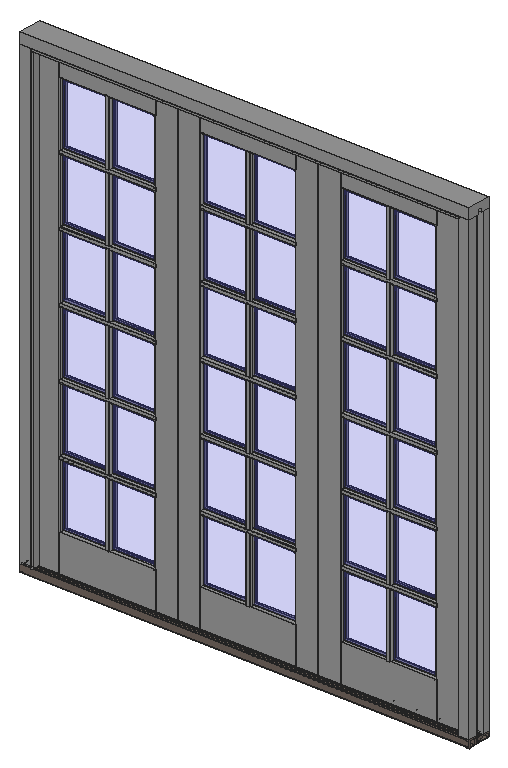
Revit family "VSFA 1950 SP RH", category Doors, host Wall, Revit 2015 (continued)
Dimensions and locks
  aligned and locked: Extrusion 5 to Extrusion 7
  aligned and locked: Extrusion 8 to Extrusion 1
  aligned and locked: Extrusion 1 to Extrusion 8
  aligned and locked: Extrusion 10 to Extrusion 9  (x2)
  aligned and locked: Extrusion 9 to Sweep 11 sketch curve
  aligned and locked: Sweep 11 sketch curve to Extrusion 10
  aligned and locked: Extrusion 31 to Extrusion 30  (x2)
  aligned and locked: Extrusion 30 to Sweep 32 sketch curve
  aligned and locked: Sweep 32 sketch curve to Extrusion 31
  aligned and locked: Extrusion 52 to Extrusion 51  (x2)
  aligned and locked: Extrusion 51 to Sweep 53 sketch curve
  aligned and locked: Sweep 53 sketch curve to Extrusion 52
Automatic sketch dimensions
  Extrusion 1 sketch curve to level = 0 mm
  level to Extrusion 1 sketch curve = 1 mm
  Extrusion 1 sketch curve to host wall = 22.5 mm
  Extrusion 1 sketch curve to Extrusion 1 sketch curve = 1 mm  (x7)
  Extrusion 1 sketch curve to Extrusion 1 sketch curve = 0.5 mm  (x8)
  Extrusion 1 sketch curve to Extrusion 1 sketch curve = 8.551 mm
  Extrusion 1 sketch curve to Extrusion 1 sketch curve = 0.717 mm  (x10)
  Extrusion 1 sketch curve to Extrusion 1 sketch curve = 1.732 mm  (x10)
  Extrusion 1 sketch curve to Extrusion 1 sketch curve = 0 mm  (x26)
  Extrusion 1 sketch curve to Extrusion 1 sketch curve = 3.101 mm  (x3)
  Extrusion 1 sketch curve to Extrusion 1 sketch curve = 6.351 mm
  Extrusion 1 sketch curve to Extrusion 1 sketch curve = 1.5 mm  (x15)
  Extrusion 1 sketch curve to Extrusion 1 sketch curve = 0.7 mm
  level to Extrusion 1 sketch curve = 1.5 mm  (x3)
  Extrusion 1 sketch curve to Extrusion 1 sketch curve = 1.2 mm  (x2)
  Extrusion 1 sketch curve to Extrusion 1 sketch curve = 8.248 mm
  host wall to Extrusion 1 sketch curve = 4.5 mm
  host wall to Extrusion 1 sketch curve = 1.5 mm  (x2)
  Extrusion 1 sketch curve to host wall = 1.817 mm
  Extrusion 1 sketch curve to Extrusion 1 sketch curve = 1.433 mm  (x3)
  Extrusion 1 sketch curve to host wall = 3.75 mm
  Extrusion 1 sketch curve to Extrusion 1 sketch curve = 1.25 mm  (x2)
  Extrusion 1 sketch curve to Extrusion 1 sketch curve = 3.317 mm
  Extrusion 1 sketch curve to Extrusion 1 sketch curve = 4.551 mm
  Extrusion 1 sketch curve to Extrusion 1 sketch curve = 10.551 mm
  Extrusion 1 sketch curve to Extrusion 1 sketch curve = 11 mm
  Extrusion 1 sketch curve to Extrusion 1 sketch curve = 14.5 mm
  Extrusion 1 sketch curve to Extrusion 1 sketch curve = 2 mm  (x4)
  Extrusion 1 sketch curve to Extrusion 1 sketch curve = 0.3 mm
  Extrusion 1 sketch curve to Extrusion 1 sketch curve = 2.5 mm
  Extrusion 1 sketch curve to Extrusion 1 sketch curve = 1.488 mm
  Extrusion 1 sketch curve to Extrusion 1 sketch curve = 1.012 mm
  Extrusion 1 sketch curve to Extrusion 1 sketch curve = 5.5 mm
  plane 5 to Extrusion 2 sketch curve = 0 mm
  Extrusion 2 sketch curve to host wall = 22.5 mm  (x2)
  host wall to Extrusion 2 sketch curve = 6.5 mm
  Extrusion 2 sketch curve to host wall = 15.5 mm
  plane 5 to Extrusion 2 sketch curve = 25 mm
  Extrusion 2 sketch curve to Extrusion 2 sketch curve = 20 mm  (x2)
  Extrusion 3 sketch curve to plane 3 "Left" = 0 mm
  Extrusion 3 sketch curve to plane 3 "Left" = 33 mm
  Extrusion 3 sketch curve to Extrusion 3 sketch curve = 45 mm
  Extrusion 3 sketch curve to host wall = 22.5 mm  (x2)
  Extrusion 3 sketch curve to host wall = 24.5 mm
  Extrusion 4 sketch curve to plane 3 "Left" = 0 mm
  Extrusion 4 sketch curve to Extrusion 4 sketch curve = 33 mm
  host wall to Extrusion 4 sketch curve = 19.5 mm
  Extrusion 4 sketch curve to Extrusion 4 sketch curve = 45 mm
  Extrusion 4 sketch curve to host wall = 24.5 mm
  Extrusion 4 sketch curve to host wall = 22.5 mm
  curve 24 to plane 3 "Left" = 380.802 mm
  curve 21 to curve 24 = 139.078 mm
  plane 2 "Center (Left/Right)" to curve 20 = 15.802 mm
  curve 17 to curve 18 = 139.078 mm
  plane 4 "Right" to curve 15 = 349.198 mm
  curve 13 to curve 14 = 139.078 mm
  level to curve 24 = 878.809 mm
  curve 19 to curve 23 = 0 mm
  curve 16 to curve 19 = 0 mm
  curve 15 to curve 16 = 56.191 mm
  curve 23 to curve 24 = 56.191 mm
  curve 19 to curve 18 = 56.191 mm
  curve 23 to curve 22 = 112.382 mm
  curve 15 to curve 15 = 112.382 mm
  curve 19 to curve 19 = 112.382 mm
  curve 21 to curve 21 = 175 mm
  curve 17 to plane 2 "Center (Left/Right)" = 159.198 mm
  curve 13 to curve 13 = 175 mm
  curve 17 to curve 18 = 56.191 mm
  curve 13 to curve 14 = 56.191 mm
  curve 21 to curve 22 = 56.191 mm
  Extrusion 5 sketch curve to host wall = 22.5 mm
  Extrusion 5 sketch curve to Extrusion 5 sketch curve = 3 mm  (x2)
  Extrusion 5 sketch curve to Extrusion 5 sketch curve = 22 mm
  Extrusion 5 sketch curve to Extrusion 5 sketch curve = 7 mm
  Extrusion 5 sketch curve to Extrusion 5 sketch curve = 0 mm
  plane 5 to Extrusion 5 sketch curve = 58 mm
  Extrusion 5 sketch curve to Extrusion 5 sketch curve = 3.5 mm
  Extrusion 5 sketch curve to Extrusion 5 sketch curve = 10 mm
  Extrusion 5 sketch curve to Extrusion 5 sketch curve = 6.5 mm
  Extrusion 6 sketch curve to plane 3 "Left" = 45 mm
  Extrusion 6 sketch curve to Extrusion 6 sketch curve = 3 mm  (x3)
  Extrusion 6 sketch curve to Extrusion 6 sketch curve = 6.5 mm
  Extrusion 6 sketch curve to Extrusion 6 sketch curve = 10 mm
  Extrusion 6 sketch curve to host wall = 22.5 mm
  Extrusion 6 sketch curve to Extrusion 6 sketch curve = 22 mm
  Extrusion 6 sketch curve to Extrusion 6 sketch curve = 7 mm
  Extrusion 6 sketch curve to Extrusion 6 sketch curve = 0 mm
  Extrusion 7 sketch curve to plane 4 "Right" = 0 mm  (x2)
  plane 4 "Right" to Extrusion 7 sketch curve = 30 mm
  Extrusion 7 sketch curve to Extrusion 7 sketch curve = 0 mm
  Extrusion 7 sketch curve to Extrusion 7 sketch curve = 15 mm  (x2)
  Extrusion 7 sketch curve to Extrusion 7 sketch curve = 10 mm  (x2)
  Extrusion 7 sketch curve to Extrusion 7 sketch curve = 20 mm
  Extrusion 7 sketch curve to host wall = 22.5 mm  (x2)
  host wall to Extrusion 7 sketch curve = 16.5 mm
  Extrusion 7 sketch curve to Extrusion 7 sketch curve = 1 mm
  host wall to Extrusion 7 sketch curve = 5.5 mm
  Extrusion 7 sketch curve to host wall = 14.5 mm
  Extrusion 7 sketch curve to Extrusion 7 sketch curve = 11 mm
  Extrusion 8 sketch curve to plane 4 "Right" = 0 mm
  plane 4 "Right" to Extrusion 8 sketch curve = 30 mm
  Extrusion 8 sketch curve to Extrusion 8 sketch curve = 0 mm
  Extrusion 8 sketch curve to Extrusion 8 sketch curve = 15 mm
  host wall to Extrusion 8 sketch curve = 5.5 mm
  Extrusion 8 sketch curve to Extrusion 8 sketch curve = 25 mm
  Extrusion 8 sketch curve to Extrusion 8 sketch curve = 20 mm
  Extrusion 8 sketch curve to Extrusion 8 sketch curve = 10 mm  (x2)
  Extrusion 8 sketch curve to host wall = 14.5 mm
  Extrusion 8 sketch curve to host wall = 25.5 mm
  Extrusion 8 sketch curve to host wall = 22.5 mm
  Extrusion 9 sketch curve to host wall = 24.5 mm  (x2)
  plane 2 "Center (Left/Right)" to Extrusion 9 sketch curve = 290 mm
  host wall to Extrusion 9 sketch curve = 13.5 mm
  Extrusion 9 sketch curve to Extrusion 9 sketch curve = 96 mm
  Extrusion 9 sketch curve to Extrusion 9 sketch curve = 0 mm
  Extrusion 9 sketch curve to Extrusion 9 sketch curve = 0.473 mm  (x3)
  Extrusion 9 sketch curve to Extrusion 9 sketch curve = 6.527 mm  (x2)
  Extrusion 9 sketch curve to Extrusion 9 sketch curve = 2 mm  (x4)
  host wall to Extrusion 9 sketch curve = 5.5 mm
  plane 4 "Right" to Extrusion 9 sketch curve = 180 mm
  plane 4 "Right" to Extrusion 9 sketch curve = 75 mm
  host wall to Extrusion 9 sketch curve = 15.5 mm  (x2)
  host wall to Extrusion 9 sketch curve = 7.5 mm
  Extrusion 9 sketch curve to Extrusion 9 sketch curve = 1.468 mm
  host wall to Extrusion 10 sketch curve = 15.5 mm  (x7)
  Extrusion 10 sketch curve to Extrusion 10 sketch curve = 2 mm  (x28)
  host wall to Extrusion 10 sketch curve = 7.5 mm  (x12)
  host wall to Extrusion 10 sketch curve = 6.697 mm  (x12)
  Extrusion 10 sketch curve to Extrusion 10 sketch curve = 1.197 mm  (x8)
  Extrusion 10 sketch curve to host wall = 24.5 mm  (x7)
  level to Extrusion 10 sketch curve = 19 mm
  Extrusion 10 sketch curve to Extrusion 10 sketch curve = 171 mm
  Extrusion 10 sketch curve to Extrusion 10 sketch curve = 0 mm  (x4)
  Extrusion 10 sketch curve to Extrusion 10 sketch curve = 0.241 mm  (x12)
  Extrusion 10 sketch curve to Extrusion 10 sketch curve = 266 mm  (x5)
  Extrusion 10 sketch curve to Extrusion 10 sketch curve = 6.759 mm  (x6)
  Extrusion 10 sketch curve to Extrusion 10 sketch curve = 13 mm  (x7)
  plane 5 to Extrusion 10 sketch curve = 150 mm
  plane 5 to Extrusion 10 sketch curve = 45 mm
  Sweep 11 sketch curve to Sweep 11 sketch curve = 202.5 mm
  Sweep 11 sketch curve to Sweep 11 sketch curve = 284 mm
  profile plane to Sweep 11 sketch curve = 0 mm
  profile plane to Sweep 11 sketch curve = 0.241 mm
  Sweep 11 sketch curve to Sweep 11 sketch curve = 6.759 mm
  Sweep 11 sketch curve to Sweep 11 sketch curve = 2 mm  (x2)
  Sweep 11 sketch curve to profile plane = 86 mm
  Sweep 11 sketch curve to Sweep 11 sketch curve = 6 mm
  plane 2 "Center (Left/Right)" to Extrusion 12 sketch curve = 386 mm  (x2)
  Extrusion 12 sketch curve to Extrusion 12 sketch curve = 0 mm  (x15)
  Extrusion 12 sketch curve to Extrusion 12 sketch curve = 202.5 mm  (x4)
  Extrusion 12 sketch curve to Extrusion 12 sketch curve = 13 mm  (x11)
  plane 4 "Right" to Extrusion 12 sketch curve = 171.012 mm  (x3)
  level to Extrusion 12 sketch curve = 190 mm
  level to Extrusion 12 sketch curve = 190.01 mm
  Extrusion 12 sketch curve to Extrusion 12 sketch curve = 284 mm  (x5)
  Extrusion 12 sketch curve to Extrusion 12 sketch curve = 13.01 mm  (x4)
  Extrusion 12 sketch curve to Extrusion 12 sketch curve = 0.01 mm
  plane 5 to Extrusion 12 sketch curve = 141 mm
  curve 11 to plane 2 "Center (Left/Right)" = 82.64 mm
  curve 10 to curve 10 = 35.952 mm
  curve 11 to host wall = 6.965 mm
  plane 2 "Center (Left/Right)" to curve 11 = 184.766 mm
  curve 8 to host wall = 4.5 mm
  curve 5 to curve 8 = 34.641 mm
  plane 4 "Right" to curve 5 = 449.282 mm
  curve 2 to curve 2 = 34.641 mm
  curve 3 to host wall = 4.5 mm
  plane 4 "Right" to curve 3 = 109.641 mm
  curve 4 to host wall = 24.5 mm
  host wall to Extrusion 13 sketch curve = 5.5 mm  (x2)
  plane 4 "Right" to Extrusion 13 sketch curve = 395.5 mm
  Extrusion 13 sketch curve to Extrusion 13 sketch curve = 2 mm  (x5)
  Extrusion 13 sketch curve to Extrusion 13 sketch curve = 6.759 mm  (x2)
  Extrusion 13 sketch curve to Extrusion 13 sketch curve = 0.241 mm  (x3)
  Extrusion 13 sketch curve to Extrusion 13 sketch curve = 13 mm  (x2)
  Extrusion 13 sketch curve to Extrusion 13 sketch curve = 1.197 mm  (x2)
  Extrusion 13 sketch curve to host wall = 24.5 mm
  level to Sweep 14 sketch curve = 190 mm
  plane 2 "Center (Left/Right)" to Sweep 14 sketch curve = 386.012 mm
  Sweep 14 sketch curve to Sweep 14 sketch curve = 202.5 mm
  Sweep 14 sketch curve to Sweep 14 sketch curve = 284 mm
  profile plane to Sweep 14 sketch curve = 0 mm
  profile plane to Sweep 14 sketch curve = 0.241 mm
  Sweep 14 sketch curve to Sweep 14 sketch curve = 6.759 mm
  Sweep 14 sketch curve to Sweep 14 sketch curve = 2 mm  (x2)
  Sweep 14 sketch curve to profile plane = 86 mm
  Sweep 14 sketch curve to Sweep 14 sketch curve = 6 mm
  plane 4 "Right" to Sweep 15 sketch curve = 373.5 mm
  plane 4 "Right" to Sweep 15 sketch curve = 171 mm
  level to Sweep 15 sketch curve = 486.988 mm
  Sweep 15 sketch curve to Sweep 15 sketch curve = 284 mm
  profile plane to Sweep 15 sketch curve = 0 mm
  profile plane to Sweep 15 sketch curve = 0.241 mm
  Sweep 15 sketch curve to Sweep 15 sketch curve = 6.759 mm
  Sweep 15 sketch curve to Sweep 15 sketch curve = 2 mm  (x2)
  Sweep 15 sketch curve to profile plane = 86 mm
  Sweep 15 sketch curve to Sweep 15 sketch curve = 6 mm
  host wall to Extrusion 16 sketch curve = 5.5 mm  (x2)
  plane 4 "Right" to Extrusion 16 sketch curve = 395.5 mm
  Extrusion 16 sketch curve to Extrusion 16 sketch curve = 2 mm  (x5)
  Extrusion 16 sketch curve to Extrusion 16 sketch curve = 6.759 mm  (x2)
  Extrusion 16 sketch curve to Extrusion 16 sketch curve = 0.241 mm  (x3)
  Extrusion 16 sketch curve to Extrusion 16 sketch curve = 13 mm  (x2)
  Extrusion 16 sketch curve to Extrusion 16 sketch curve = 1.197 mm  (x2)
  Extrusion 16 sketch curve to host wall = 24.5 mm
  plane 2 "Center (Left/Right)" to Sweep 17 sketch curve = 386.012 mm
  Sweep 17 sketch curve to Sweep 17 sketch curve = 202.5 mm
  level to Sweep 17 sketch curve = 486.988 mm
  Sweep 17 sketch curve to Sweep 17 sketch curve = 284 mm
  profile plane to Sweep 17 sketch curve = 0 mm
  profile plane to Sweep 17 sketch curve = 0.241 mm
  Sweep 17 sketch curve to Sweep 17 sketch curve = 6.759 mm
  Sweep 17 sketch curve to Sweep 17 sketch curve = 2 mm  (x2)
  Sweep 17 sketch curve to profile plane = 86 mm
  Sweep 17 sketch curve to Sweep 17 sketch curve = 6 mm
  plane 4 "Right" to Sweep 18 sketch curve = 373.5 mm
  plane 4 "Right" to Sweep 18 sketch curve = 171 mm
  level to Sweep 18 sketch curve = 783.988 mm
  Sweep 18 sketch curve to Sweep 18 sketch curve = 284 mm
  profile plane to Sweep 18 sketch curve = 0 mm
  profile plane to Sweep 18 sketch curve = 0.241 mm
  Sweep 18 sketch curve to Sweep 18 sketch curve = 6.759 mm
  Sweep 18 sketch curve to Sweep 18 sketch curve = 2 mm  (x2)
  Sweep 18 sketch curve to profile plane = 86 mm
  Sweep 18 sketch curve to Sweep 18 sketch curve = 6 mm
  host wall to Extrusion 19 sketch curve = 5.5 mm  (x2)
  plane 4 "Right" to Extrusion 19 sketch curve = 395.5 mm
  Extrusion 19 sketch curve to Extrusion 19 sketch curve = 2 mm  (x5)
  Extrusion 19 sketch curve to Extrusion 19 sketch curve = 6.759 mm  (x2)
  Extrusion 19 sketch curve to Extrusion 19 sketch curve = 0.241 mm  (x3)
  Extrusion 19 sketch curve to Extrusion 19 sketch curve = 13 mm  (x2)
  Extrusion 19 sketch curve to Extrusion 19 sketch curve = 1.197 mm  (x2)
  Extrusion 19 sketch curve to host wall = 24.5 mm
  plane 2 "Center (Left/Right)" to Sweep 20 sketch curve = 386.012 mm
  Sweep 20 sketch curve to Sweep 20 sketch curve = 202.5 mm
  level to Sweep 20 sketch curve = 783.988 mm
  Sweep 20 sketch curve to Sweep 20 sketch curve = 284 mm
  profile plane to Sweep 20 sketch curve = 0 mm
  profile plane to Sweep 20 sketch curve = 0.241 mm
  Sweep 20 sketch curve to Sweep 20 sketch curve = 6.759 mm
  Sweep 20 sketch curve to Sweep 20 sketch curve = 2 mm  (x2)
  Sweep 20 sketch curve to profile plane = 86 mm
  Sweep 20 sketch curve to Sweep 20 sketch curve = 6 mm
  plane 4 "Right" to Sweep 21 sketch curve = 373.5 mm
  plane 4 "Right" to Sweep 21 sketch curve = 171 mm
  plane 5 to Sweep 21 sketch curve = 1019.012 mm
  Sweep 21 sketch curve to Sweep 21 sketch curve = 284 mm
  profile plane to Sweep 21 sketch curve = 0 mm
  profile plane to Sweep 21 sketch curve = 0.241 mm
  Sweep 21 sketch curve to Sweep 21 sketch curve = 6.759 mm
  Sweep 21 sketch curve to Sweep 21 sketch curve = 2 mm  (x2)
  Sweep 21 sketch curve to profile plane = 86 mm
  Sweep 21 sketch curve to Sweep 21 sketch curve = 6 mm
  host wall to Extrusion 22 sketch curve = 5.5 mm  (x2)
  plane 4 "Right" to Extrusion 22 sketch curve = 395.5 mm
  Extrusion 22 sketch curve to Extrusion 22 sketch curve = 2 mm  (x5)
  Extrusion 22 sketch curve to Extrusion 22 sketch curve = 6.759 mm  (x2)
  Extrusion 22 sketch curve to Extrusion 22 sketch curve = 0.241 mm  (x3)
  Extrusion 22 sketch curve to Extrusion 22 sketch curve = 13 mm  (x2)
  Extrusion 22 sketch curve to Extrusion 22 sketch curve = 1.197 mm  (x2)
  Extrusion 22 sketch curve to host wall = 24.5 mm
  plane 2 "Center (Left/Right)" to Sweep 23 sketch curve = 386.012 mm
  Sweep 23 sketch curve to Sweep 23 sketch curve = 202.5 mm
  plane 5 to Sweep 23 sketch curve = 1019.012 mm
  Sweep 23 sketch curve to Sweep 23 sketch curve = 284 mm
  profile plane to Sweep 23 sketch curve = 0 mm
  profile plane to Sweep 23 sketch curve = 0.241 mm
  Sweep 23 sketch curve to Sweep 23 sketch curve = 6.759 mm
  Sweep 23 sketch curve to Sweep 23 sketch curve = 2 mm  (x2)
  Sweep 23 sketch curve to profile plane = 86 mm
  Sweep 23 sketch curve to Sweep 23 sketch curve = 6 mm
  plane 4 "Right" to Sweep 24 sketch curve = 373.5 mm
  plane 4 "Right" to Sweep 24 sketch curve = 171 mm
  plane 5 to Sweep 24 sketch curve = 722.012 mm
  Sweep 24 sketch curve to Sweep 24 sketch curve = 284 mm
  profile plane to Sweep 24 sketch curve = 0 mm
  profile plane to Sweep 24 sketch curve = 0.241 mm
  Sweep 24 sketch curve to Sweep 24 sketch curve = 6.759 mm
  Sweep 24 sketch curve to Sweep 24 sketch curve = 2 mm  (x2)
  Sweep 24 sketch curve to profile plane = 86 mm
  Sweep 24 sketch curve to Sweep 24 sketch curve = 6 mm
  host wall to Extrusion 25 sketch curve = 5.5 mm  (x2)
  plane 4 "Right" to Extrusion 25 sketch curve = 395.5 mm
  Extrusion 25 sketch curve to Extrusion 25 sketch curve = 2 mm  (x5)
  Extrusion 25 sketch curve to Extrusion 25 sketch curve = 6.759 mm  (x2)
  Extrusion 25 sketch curve to Extrusion 25 sketch curve = 0.241 mm  (x3)
  Extrusion 25 sketch curve to Extrusion 25 sketch curve = 13 mm  (x2)
  Extrusion 25 sketch curve to Extrusion 25 sketch curve = 1.197 mm  (x2)
  Extrusion 25 sketch curve to host wall = 24.5 mm
  plane 2 "Center (Left/Right)" to Sweep 26 sketch curve = 386.012 mm
  Sweep 26 sketch curve to Sweep 26 sketch curve = 202.5 mm
  plane 5 to Sweep 26 sketch curve = 722.012 mm
  Sweep 26 sketch curve to Sweep 26 sketch curve = 284 mm
  profile plane to Sweep 26 sketch curve = 0 mm
  profile plane to Sweep 26 sketch curve = 0.241 mm
  Sweep 26 sketch curve to Sweep 26 sketch curve = 6.759 mm
  Sweep 26 sketch curve to Sweep 26 sketch curve = 2 mm  (x2)
  Sweep 26 sketch curve to profile plane = 86 mm
  Sweep 26 sketch curve to Sweep 26 sketch curve = 6 mm
  plane 4 "Right" to Sweep 27 sketch curve = 373.5 mm
  plane 4 "Right" to Sweep 27 sketch curve = 171 mm
  plane 5 to Sweep 27 sketch curve = 425.012 mm
  plane 5 to Sweep 27 sketch curve = 141.012 mm
  profile plane to Sweep 27 sketch curve = 0 mm
  profile plane to Sweep 27 sketch curve = 0.241 mm
  Sweep 27 sketch curve to Sweep 27 sketch curve = 6.759 mm
  Sweep 27 sketch curve to Sweep 27 sketch curve = 2 mm  (x2)
  Sweep 27 sketch curve to profile plane = 86 mm
  Sweep 27 sketch curve to Sweep 27 sketch curve = 6 mm
  host wall to Extrusion 28 sketch curve = 5.5 mm  (x2)
  plane 4 "Right" to Extrusion 28 sketch curve = 395.5 mm
  Extrusion 28 sketch curve to Extrusion 28 sketch curve = 2 mm  (x5)
  Extrusion 28 sketch curve to Extrusion 28 sketch curve = 6.759 mm  (x2)
  Extrusion 28 sketch curve to Extrusion 28 sketch curve = 0.241 mm  (x3)
  Extrusion 28 sketch curve to Extrusion 28 sketch curve = 13 mm  (x2)
  Extrusion 28 sketch curve to Extrusion 28 sketch curve = 1.197 mm  (x2)
  Extrusion 28 sketch curve to host wall = 24.5 mm
  plane 2 "Center (Left/Right)" to Sweep 29 sketch curve = 386.012 mm
  Sweep 29 sketch curve to Sweep 29 sketch curve = 202.5 mm
  plane 5 to Sweep 29 sketch curve = 425.012 mm
  plane 5 to Sweep 29 sketch curve = 141.012 mm
  profile plane to Sweep 29 sketch curve = 0 mm
  profile plane to Sweep 29 sketch curve = 0.241 mm
  Sweep 29 sketch curve to Sweep 29 sketch curve = 6.759 mm
  Sweep 29 sketch curve to Sweep 29 sketch curve = 2 mm  (x2)
  Sweep 29 sketch curve to profile plane = 86 mm
  Sweep 29 sketch curve to Sweep 29 sketch curve = 6 mm
  Extrusion 30 sketch curve to host wall = 24.5 mm  (x2)
  Extrusion 30 sketch curve to plane 2 "Center (Left/Right)" = 320 mm
  host wall to Extrusion 30 sketch curve = 13.5 mm
  Extrusion 30 sketch curve to Extrusion 30 sketch curve = 96 mm  (x2)
  Extrusion 30 sketch curve to Extrusion 30 sketch curve = 0 mm
  Extrusion 30 sketch curve to Extrusion 30 sketch curve = 0.473 mm  (x3)
  Extrusion 30 sketch curve to Extrusion 30 sketch curve = 6.527 mm  (x2)
  Extrusion 30 sketch curve to Extrusion 30 sketch curve = 2 mm  (x4)
  host wall to Extrusion 30 sketch curve = 5.5 mm
  plane 2 "Center (Left/Right)" to Extrusion 30 sketch curve = 185 mm
  host wall to Extrusion 30 sketch curve = 15.5 mm  (x2)
  host wall to Extrusion 30 sketch curve = 7.5 mm
  Extrusion 30 sketch curve to Extrusion 30 sketch curve = 1.468 mm
  host wall to Extrusion 31 sketch curve = 15.5 mm  (x7)
  Extrusion 31 sketch curve to Extrusion 31 sketch curve = 2 mm  (x28)
  host wall to Extrusion 31 sketch curve = 7.5 mm  (x12)
  host wall to Extrusion 31 sketch curve = 6.697 mm  (x12)
  Extrusion 31 sketch curve to Extrusion 31 sketch curve = 1.197 mm  (x8)
  Extrusion 31 sketch curve to host wall = 24.5 mm  (x7)
  level to Extrusion 31 sketch curve = 19 mm
  Extrusion 31 sketch curve to Extrusion 31 sketch curve = 171 mm
  Extrusion 31 sketch curve to Extrusion 31 sketch curve = 0 mm  (x4)
  Extrusion 31 sketch curve to Extrusion 31 sketch curve = 0.241 mm  (x12)
  Extrusion 31 sketch curve to Extrusion 31 sketch curve = 266 mm  (x5)
  Extrusion 31 sketch curve to Extrusion 31 sketch curve = 6.759 mm  (x6)
  Extrusion 31 sketch curve to Extrusion 31 sketch curve = 13 mm  (x7)
  plane 5 to Extrusion 31 sketch curve = 150 mm
  plane 5 to Extrusion 31 sketch curve = 45 mm
  Sweep 32 sketch curve to plane 2 "Center (Left/Right)" = 8.5 mm
  Sweep 32 sketch curve to Sweep 32 sketch curve = 284 mm
  profile plane to Sweep 32 sketch curve = 0 mm
  profile plane to Sweep 32 sketch curve = 0.241 mm
  Sweep 32 sketch curve to Sweep 32 sketch curve = 6.759 mm
  Sweep 32 sketch curve to Sweep 32 sketch curve = 2 mm  (x2)
  Sweep 32 sketch curve to profile plane = 86 mm
  Sweep 32 sketch curve to Sweep 32 sketch curve = 6 mm
  Extrusion 33 sketch curve to plane 2 "Center (Left/Right)" = 224 mm  (x5)
  Extrusion 33 sketch curve to Extrusion 33 sketch curve = 0 mm  (x12)
  Extrusion 33 sketch curve to plane 2 "Center (Left/Right)" = 21.5 mm  (x4)
  Extrusion 33 sketch curve to plane 2 "Center (Left/Right)" = 8.5 mm  (x6)
  plane 2 "Center (Left/Right)" to Extrusion 33 sketch curve = 193.988 mm  (x3)
  level to Extrusion 33 sketch curve = 190 mm
  level to Extrusion 33 sketch curve = 190.01 mm
  Extrusion 33 sketch curve to Extrusion 33 sketch curve = 284 mm  (x5)
  Extrusion 33 sketch curve to Extrusion 33 sketch curve = 13 mm  (x5)
  Extrusion 33 sketch curve to Extrusion 33 sketch curve = 13.01 mm  (x4)
  Extrusion 33 sketch curve to Extrusion 33 sketch curve = 0.01 mm
  plane 5 to Extrusion 33 sketch curve = 141 mm
  host wall to Extrusion 34 sketch curve = 5.5 mm  (x2)
  Extrusion 34 sketch curve to plane 2 "Center (Left/Right)" = 30.5 mm
  Extrusion 34 sketch curve to Extrusion 34 sketch curve = 2 mm  (x4)
  Extrusion 34 sketch curve to Extrusion 34 sketch curve = 6.759 mm
  Extrusion 34 sketch curve to Extrusion 34 sketch curve = 0.241 mm  (x3)
  Extrusion 34 sketch curve to plane 2 "Center (Left/Right)" = 8.5 mm  (x2)
  Extrusion 34 sketch curve to plane 2 "Center (Left/Right)" = 1.5 mm
  plane 2 "Center (Left/Right)" to Extrusion 34 sketch curve = 0.5 mm
  Extrusion 34 sketch curve to Extrusion 34 sketch curve = 1.197 mm  (x2)
  Extrusion 34 sketch curve to host wall = 24.5 mm
  Sweep 35 sketch curve to plane 2 "Center (Left/Right)" = 223.988 mm
  Sweep 35 sketch curve to plane 2 "Center (Left/Right)" = 21.488 mm
  level to Sweep 35 sketch curve = 190 mm
  Sweep 35 sketch curve to Sweep 35 sketch curve = 284 mm
  profile plane to Sweep 35 sketch curve = 0 mm
  profile plane to Sweep 35 sketch curve = 0.241 mm
  Sweep 35 sketch curve to Sweep 35 sketch curve = 6.759 mm
  Sweep 35 sketch curve to Sweep 35 sketch curve = 2 mm  (x2)
  Sweep 35 sketch curve to profile plane = 86 mm
  Sweep 35 sketch curve to Sweep 35 sketch curve = 6 mm
  Sweep 36 sketch curve to plane 2 "Center (Left/Right)" = 8.5 mm
  plane 2 "Center (Left/Right)" to Sweep 36 sketch curve = 194 mm
  level to Sweep 36 sketch curve = 486.988 mm
  Sweep 36 sketch curve to Sweep 36 sketch curve = 284 mm
  profile plane to Sweep 36 sketch curve = 0 mm
  profile plane to Sweep 36 sketch curve = 0.241 mm
  Sweep 36 sketch curve to Sweep 36 sketch curve = 6.759 mm
  Sweep 36 sketch curve to Sweep 36 sketch curve = 2 mm  (x2)
  Sweep 36 sketch curve to profile plane = 86 mm
  Sweep 36 sketch curve to Sweep 36 sketch curve = 6 mm
  host wall to Extrusion 37 sketch curve = 5.5 mm  (x2)
  Extrusion 37 sketch curve to plane 2 "Center (Left/Right)" = 30.5 mm
  Extrusion 37 sketch curve to Extrusion 37 sketch curve = 2 mm  (x4)
  Extrusion 37 sketch curve to Extrusion 37 sketch curve = 6.759 mm
  Extrusion 37 sketch curve to Extrusion 37 sketch curve = 0.241 mm  (x3)
  Extrusion 37 sketch curve to plane 2 "Center (Left/Right)" = 8.5 mm  (x2)
  Extrusion 37 sketch curve to plane 2 "Center (Left/Right)" = 1.5 mm
  plane 2 "Center (Left/Right)" to Extrusion 37 sketch curve = 0.5 mm
  Extrusion 37 sketch curve to Extrusion 37 sketch curve = 1.197 mm  (x2)
  Extrusion 37 sketch curve to host wall = 24.5 mm
  Sweep 38 sketch curve to plane 2 "Center (Left/Right)" = 223.988 mm
  Sweep 38 sketch curve to plane 2 "Center (Left/Right)" = 21.488 mm
  level to Sweep 38 sketch curve = 486.988 mm
  Sweep 38 sketch curve to Sweep 38 sketch curve = 284 mm
  profile plane to Sweep 38 sketch curve = 0 mm
  profile plane to Sweep 38 sketch curve = 0.241 mm
  Sweep 38 sketch curve to Sweep 38 sketch curve = 6.759 mm
  Sweep 38 sketch curve to Sweep 38 sketch curve = 2 mm  (x2)
  Sweep 38 sketch curve to profile plane = 86 mm
  Sweep 38 sketch curve to Sweep 38 sketch curve = 6 mm
  Sweep 39 sketch curve to plane 2 "Center (Left/Right)" = 8.5 mm
  plane 2 "Center (Left/Right)" to Sweep 39 sketch curve = 194 mm
  level to Sweep 39 sketch curve = 783.988 mm
  Sweep 39 sketch curve to Sweep 39 sketch curve = 284 mm
  profile plane to Sweep 39 sketch curve = 0 mm
  profile plane to Sweep 39 sketch curve = 0.241 mm
  Sweep 39 sketch curve to Sweep 39 sketch curve = 6.759 mm
  Sweep 39 sketch curve to Sweep 39 sketch curve = 2 mm  (x2)
  Sweep 39 sketch curve to profile plane = 86 mm
  Sweep 39 sketch curve to Sweep 39 sketch curve = 6 mm
  host wall to Extrusion 40 sketch curve = 5.5 mm  (x2)
  Extrusion 40 sketch curve to plane 2 "Center (Left/Right)" = 30.5 mm
  Extrusion 40 sketch curve to Extrusion 40 sketch curve = 2 mm  (x4)
  Extrusion 40 sketch curve to Extrusion 40 sketch curve = 6.759 mm
  Extrusion 40 sketch curve to Extrusion 40 sketch curve = 0.241 mm  (x3)
  Extrusion 40 sketch curve to plane 2 "Center (Left/Right)" = 8.5 mm  (x2)
  Extrusion 40 sketch curve to plane 2 "Center (Left/Right)" = 1.5 mm
  plane 2 "Center (Left/Right)" to Extrusion 40 sketch curve = 0.5 mm
  Extrusion 40 sketch curve to Extrusion 40 sketch curve = 1.197 mm  (x2)
  Extrusion 40 sketch curve to host wall = 24.5 mm
  Sweep 41 sketch curve to plane 2 "Center (Left/Right)" = 223.988 mm
  Sweep 41 sketch curve to plane 2 "Center (Left/Right)" = 21.488 mm
  level to Sweep 41 sketch curve = 783.988 mm
  Sweep 41 sketch curve to Sweep 41 sketch curve = 284 mm
  profile plane to Sweep 41 sketch curve = 0 mm
  profile plane to Sweep 41 sketch curve = 0.241 mm
  Sweep 41 sketch curve to Sweep 41 sketch curve = 6.759 mm
  Sweep 41 sketch curve to Sweep 41 sketch curve = 2 mm  (x2)
  Sweep 41 sketch curve to profile plane = 86 mm
  Sweep 41 sketch curve to Sweep 41 sketch curve = 6 mm
  Sweep 42 sketch curve to plane 2 "Center (Left/Right)" = 8.5 mm
  plane 2 "Center (Left/Right)" to Sweep 42 sketch curve = 194 mm
  plane 5 to Sweep 42 sketch curve = 1019.012 mm
  Sweep 42 sketch curve to Sweep 42 sketch curve = 284 mm
  profile plane to Sweep 42 sketch curve = 0 mm
  profile plane to Sweep 42 sketch curve = 0.241 mm
  Sweep 42 sketch curve to Sweep 42 sketch curve = 6.759 mm
  Sweep 42 sketch curve to Sweep 42 sketch curve = 2 mm  (x2)
  Sweep 42 sketch curve to profile plane = 86 mm
  Sweep 42 sketch curve to Sweep 42 sketch curve = 6 mm
  host wall to Extrusion 43 sketch curve = 5.5 mm  (x2)
  Extrusion 43 sketch curve to plane 2 "Center (Left/Right)" = 30.5 mm
  Extrusion 43 sketch curve to Extrusion 43 sketch curve = 2 mm  (x4)
  Extrusion 43 sketch curve to Extrusion 43 sketch curve = 6.759 mm
  Extrusion 43 sketch curve to Extrusion 43 sketch curve = 0.241 mm  (x3)
  Extrusion 43 sketch curve to plane 2 "Center (Left/Right)" = 8.5 mm  (x2)
  Extrusion 43 sketch curve to plane 2 "Center (Left/Right)" = 1.5 mm
  plane 2 "Center (Left/Right)" to Extrusion 43 sketch curve = 0.5 mm
  Extrusion 43 sketch curve to Extrusion 43 sketch curve = 1.197 mm  (x2)
  Extrusion 43 sketch curve to host wall = 24.5 mm
  Sweep 44 sketch curve to plane 2 "Center (Left/Right)" = 223.988 mm
  Sweep 44 sketch curve to plane 2 "Center (Left/Right)" = 21.488 mm
  plane 5 to Sweep 44 sketch curve = 1019.012 mm
  Sweep 44 sketch curve to Sweep 44 sketch curve = 284 mm
  profile plane to Sweep 44 sketch curve = 0 mm
  profile plane to Sweep 44 sketch curve = 0.241 mm
  Sweep 44 sketch curve to Sweep 44 sketch curve = 6.759 mm
  Sweep 44 sketch curve to Sweep 44 sketch curve = 2 mm  (x2)
  Sweep 44 sketch curve to profile plane = 86 mm
  Sweep 44 sketch curve to Sweep 44 sketch curve = 6 mm
  Sweep 45 sketch curve to plane 2 "Center (Left/Right)" = 8.5 mm
  plane 2 "Center (Left/Right)" to Sweep 45 sketch curve = 194 mm
  plane 5 to Sweep 45 sketch curve = 722.012 mm
  Sweep 45 sketch curve to Sweep 45 sketch curve = 284 mm
  profile plane to Sweep 45 sketch curve = 0 mm
  profile plane to Sweep 45 sketch curve = 0.241 mm
  Sweep 45 sketch curve to Sweep 45 sketch curve = 6.759 mm
  Sweep 45 sketch curve to Sweep 45 sketch curve = 2 mm  (x2)
  Sweep 45 sketch curve to profile plane = 86 mm
  Sweep 45 sketch curve to Sweep 45 sketch curve = 6 mm
  host wall to Extrusion 46 sketch curve = 5.5 mm  (x2)
  Extrusion 46 sketch curve to plane 2 "Center (Left/Right)" = 30.5 mm
  Extrusion 46 sketch curve to Extrusion 46 sketch curve = 2 mm  (x4)
  Extrusion 46 sketch curve to Extrusion 46 sketch curve = 6.759 mm
  Extrusion 46 sketch curve to Extrusion 46 sketch curve = 0.241 mm  (x3)
  Extrusion 46 sketch curve to plane 2 "Center (Left/Right)" = 8.5 mm  (x2)
  Extrusion 46 sketch curve to plane 2 "Center (Left/Right)" = 1.5 mm
  plane 2 "Center (Left/Right)" to Extrusion 46 sketch curve = 0.5 mm
  Extrusion 46 sketch curve to Extrusion 46 sketch curve = 1.197 mm  (x2)
  Extrusion 46 sketch curve to host wall = 24.5 mm
  Sweep 47 sketch curve to plane 2 "Center (Left/Right)" = 223.988 mm
  Sweep 47 sketch curve to plane 2 "Center (Left/Right)" = 21.488 mm
  plane 5 to Sweep 47 sketch curve = 722.012 mm
  Sweep 47 sketch curve to Sweep 47 sketch curve = 284 mm
  profile plane to Sweep 47 sketch curve = 0 mm
  profile plane to Sweep 47 sketch curve = 0.241 mm
  Sweep 47 sketch curve to Sweep 47 sketch curve = 6.759 mm
  Sweep 47 sketch curve to Sweep 47 sketch curve = 2 mm  (x2)
  Sweep 47 sketch curve to profile plane = 86 mm
  Sweep 47 sketch curve to Sweep 47 sketch curve = 6 mm
  Sweep 48 sketch curve to plane 2 "Center (Left/Right)" = 8.5 mm
  plane 2 "Center (Left/Right)" to Sweep 48 sketch curve = 194 mm
  plane 5 to Sweep 48 sketch curve = 425.012 mm
  plane 5 to Sweep 48 sketch curve = 141.012 mm
  profile plane to Sweep 48 sketch curve = 0 mm
  profile plane to Sweep 48 sketch curve = 0.241 mm
  Sweep 48 sketch curve to Sweep 48 sketch curve = 6.759 mm
  Sweep 48 sketch curve to Sweep 48 sketch curve = 2 mm  (x2)
  Sweep 48 sketch curve to profile plane = 86 mm
  Sweep 48 sketch curve to Sweep 48 sketch curve = 6 mm
  host wall to Extrusion 49 sketch curve = 5.5 mm  (x2)
  Extrusion 49 sketch curve to plane 2 "Center (Left/Right)" = 30.5 mm
  Extrusion 49 sketch curve to Extrusion 49 sketch curve = 2 mm  (x4)
  Extrusion 49 sketch curve to Extrusion 49 sketch curve = 6.759 mm
  Extrusion 49 sketch curve to Extrusion 49 sketch curve = 0.241 mm  (x3)
  Extrusion 49 sketch curve to plane 2 "Center (Left/Right)" = 8.5 mm  (x2)
  Extrusion 49 sketch curve to plane 2 "Center (Left/Right)" = 1.5 mm
  plane 2 "Center (Left/Right)" to Extrusion 49 sketch curve = 0.5 mm
  Extrusion 49 sketch curve to Extrusion 49 sketch curve = 1.197 mm  (x2)
  Extrusion 49 sketch curve to host wall = 24.5 mm
  Sweep 50 sketch curve to plane 2 "Center (Left/Right)" = 223.988 mm
  Sweep 50 sketch curve to plane 2 "Center (Left/Right)" = 21.488 mm
  plane 5 to Sweep 50 sketch curve = 425.012 mm
  plane 5 to Sweep 50 sketch curve = 141.012 mm
  profile plane to Sweep 50 sketch curve = 0 mm
  profile plane to Sweep 50 sketch curve = 0.241 mm
  Sweep 50 sketch curve to Sweep 50 sketch curve = 6.759 mm
  Sweep 50 sketch curve to Sweep 50 sketch curve = 2 mm  (x2)
  Sweep 50 sketch curve to profile plane = 86 mm
  Sweep 50 sketch curve to Sweep 50 sketch curve = 6 mm
  Extrusion 51 sketch curve to plane 3 "Left" = 45 mm
  host wall to Extrusion 51 sketch curve = 13.5 mm
  Extrusion 51 sketch curve to Extrusion 51 sketch curve = 96 mm  (x2)
  Extrusion 51 sketch curve to Extrusion 51 sketch curve = 0 mm
  Extrusion 51 sketch curve to Extrusion 51 sketch curve = 0.473 mm  (x3)
  Extrusion 51 sketch curve to Extrusion 51 sketch curve = 6.527 mm  (x2)
  Extrusion 51 sketch curve to Extrusion 51 sketch curve = 2 mm  (x4)
  host wall to Extrusion 51 sketch curve = 5.5 mm
  Extrusion 51 sketch curve to Extrusion 51 sketch curve = 400 mm
  Extrusion 51 sketch curve to host wall = 24.5 mm  (x2)
  host wall to Extrusion 51 sketch curve = 15.5 mm  (x2)
  host wall to Extrusion 51 sketch curve = 7.5 mm
  Extrusion 51 sketch curve to Extrusion 51 sketch curve = 1.468 mm
  host wall to Extrusion 52 sketch curve = 15.5 mm  (x7)
  Extrusion 52 sketch curve to Extrusion 52 sketch curve = 2 mm  (x28)
  host wall to Extrusion 52 sketch curve = 7.5 mm  (x12)
  host wall to Extrusion 52 sketch curve = 6.697 mm  (x12)
  Extrusion 52 sketch curve to Extrusion 52 sketch curve = 1.197 mm  (x8)
  Extrusion 52 sketch curve to host wall = 24.5 mm  (x7)
  level to Extrusion 52 sketch curve = 19 mm
  Extrusion 52 sketch curve to Extrusion 52 sketch curve = 171 mm
  Extrusion 52 sketch curve to Extrusion 52 sketch curve = 0 mm  (x4)
  Extrusion 52 sketch curve to Extrusion 52 sketch curve = 0.241 mm  (x12)
  Extrusion 52 sketch curve to Extrusion 52 sketch curve = 266 mm  (x5)
  Extrusion 52 sketch curve to Extrusion 52 sketch curve = 6.759 mm  (x6)
  Extrusion 52 sketch curve to Extrusion 52 sketch curve = 13 mm  (x7)
  plane 5 to Extrusion 52 sketch curve = 150 mm
  plane 5 to Extrusion 52 sketch curve = 45 mm
  Sweep 53 sketch curve to Sweep 53 sketch curve = 202.5 mm
  Sweep 53 sketch curve to Sweep 53 sketch curve = 284 mm
  profile plane to Sweep 53 sketch curve = 0 mm
  profile plane to Sweep 53 sketch curve = 0.241 mm
  Sweep 53 sketch curve to Sweep 53 sketch curve = 6.759 mm
  Sweep 53 sketch curve to Sweep 53 sketch curve = 2 mm  (x2)
  Sweep 53 sketch curve to profile plane = 86 mm
  Sweep 53 sketch curve to Sweep 53 sketch curve = 6 mm
  Extrusion 54 sketch curve to plane 3 "Left" = 141 mm  (x5)
  Extrusion 54 sketch curve to Extrusion 54 sketch curve = 0 mm  (x12)
  Extrusion 54 sketch curve to Extrusion 54 sketch curve = 202.5 mm  (x4)
  Extrusion 54 sketch curve to Extrusion 54 sketch curve = 13 mm  (x11)
  Extrusion 54 sketch curve to Extrusion 54 sketch curve = 202.488 mm  (x3)
  level to Extrusion 54 sketch curve = 190 mm
  level to Extrusion 54 sketch curve = 190.01 mm
  Extrusion 54 sketch curve to Extrusion 54 sketch curve = 284 mm  (x5)
  Extrusion 54 sketch curve to Extrusion 54 sketch curve = 13.01 mm  (x4)
  Extrusion 54 sketch curve to Extrusion 54 sketch curve = 0.01 mm
  plane 5 to Extrusion 54 sketch curve = 141 mm
  host wall to Extrusion 55 sketch curve = 5.5 mm  (x2)
  Extrusion 55 sketch curve to plane 3 "Left" = 334.5 mm
  Extrusion 55 sketch curve to Extrusion 55 sketch curve = 2 mm  (x5)
  Extrusion 55 sketch curve to Extrusion 55 sketch curve = 6.759 mm  (x2)
  Extrusion 55 sketch curve to Extrusion 55 sketch curve = 0.241 mm  (x3)
  Extrusion 55 sketch curve to Extrusion 55 sketch curve = 13 mm  (x2)
  Extrusion 55 sketch curve to Extrusion 55 sketch curve = 1.197 mm  (x2)
  Extrusion 55 sketch curve to host wall = 24.5 mm
  Sweep 56 sketch curve to plane 3 "Left" = 141.012 mm
  Sweep 56 sketch curve to Sweep 56 sketch curve = 202.5 mm
  level to Sweep 56 sketch curve = 190 mm
  Sweep 56 sketch curve to Sweep 56 sketch curve = 284 mm
  profile plane to Sweep 56 sketch curve = 0 mm
  profile plane to Sweep 56 sketch curve = 0.241 mm
  Sweep 56 sketch curve to Sweep 56 sketch curve = 6.759 mm
  Sweep 56 sketch curve to Sweep 56 sketch curve = 2 mm  (x2)
  Sweep 56 sketch curve to profile plane = 86 mm
  Sweep 56 sketch curve to Sweep 56 sketch curve = 6 mm
  Sweep 57 sketch curve to plane 3 "Left" = 356.5 mm
  Sweep 57 sketch curve to Sweep 57 sketch curve = 202.5 mm
  level to Sweep 57 sketch curve = 486.988 mm
  Sweep 57 sketch curve to Sweep 57 sketch curve = 284 mm
  profile plane to Sweep 57 sketch curve = 0 mm
  profile plane to Sweep 57 sketch curve = 0.241 mm
  Sweep 57 sketch curve to Sweep 57 sketch curve = 6.759 mm
  Sweep 57 sketch curve to Sweep 57 sketch curve = 2 mm  (x2)
  Sweep 57 sketch curve to profile plane = 86 mm
  Sweep 57 sketch curve to Sweep 57 sketch curve = 6 mm
  host wall to Extrusion 58 sketch curve = 5.5 mm  (x2)
  Extrusion 58 sketch curve to plane 3 "Left" = 334.5 mm
  Extrusion 58 sketch curve to Extrusion 58 sketch curve = 2 mm  (x5)
  Extrusion 58 sketch curve to Extrusion 58 sketch curve = 6.759 mm  (x2)
  Extrusion 58 sketch curve to Extrusion 58 sketch curve = 0.241 mm  (x3)
  Extrusion 58 sketch curve to Extrusion 58 sketch curve = 13 mm  (x2)
  Extrusion 58 sketch curve to Extrusion 58 sketch curve = 1.197 mm  (x2)
  Extrusion 58 sketch curve to host wall = 24.5 mm
  Sweep 59 sketch curve to plane 3 "Left" = 141.012 mm
  Sweep 59 sketch curve to Sweep 59 sketch curve = 202.5 mm
  level to Sweep 59 sketch curve = 486.988 mm
  Sweep 59 sketch curve to Sweep 59 sketch curve = 284 mm
  profile plane to Sweep 59 sketch curve = 0 mm
  profile plane to Sweep 59 sketch curve = 0.241 mm
  Sweep 59 sketch curve to Sweep 59 sketch curve = 6.759 mm
  Sweep 59 sketch curve to Sweep 59 sketch curve = 2 mm  (x2)
  Sweep 59 sketch curve to profile plane = 86 mm
  Sweep 59 sketch curve to Sweep 59 sketch curve = 6 mm
  Sweep 60 sketch curve to plane 3 "Left" = 356.5 mm
  Sweep 60 sketch curve to Sweep 60 sketch curve = 202.5 mm
  level to Sweep 60 sketch curve = 783.988 mm
  Sweep 60 sketch curve to Sweep 60 sketch curve = 284 mm
  profile plane to Sweep 60 sketch curve = 0 mm
  profile plane to Sweep 60 sketch curve = 0.241 mm
  Sweep 60 sketch curve to Sweep 60 sketch curve = 6.759 mm
  Sweep 60 sketch curve to Sweep 60 sketch curve = 2 mm  (x2)
  Sweep 60 sketch curve to profile plane = 86 mm
  Sweep 60 sketch curve to Sweep 60 sketch curve = 6 mm
  host wall to Extrusion 61 sketch curve = 5.5 mm  (x2)
  Extrusion 61 sketch curve to plane 3 "Left" = 334.5 mm
  Extrusion 61 sketch curve to Extrusion 61 sketch curve = 2 mm  (x5)
  Extrusion 61 sketch curve to Extrusion 61 sketch curve = 6.759 mm  (x2)
  Extrusion 61 sketch curve to Extrusion 61 sketch curve = 0.241 mm  (x3)
  Extrusion 61 sketch curve to Extrusion 61 sketch curve = 13 mm  (x2)
  Extrusion 61 sketch curve to Extrusion 61 sketch curve = 1.197 mm  (x2)
  Extrusion 61 sketch curve to host wall = 24.5 mm
  Sweep 62 sketch curve to plane 3 "Left" = 141.012 mm
  Sweep 62 sketch curve to Sweep 62 sketch curve = 202.5 mm
  level to Sweep 62 sketch curve = 783.988 mm
  Sweep 62 sketch curve to Sweep 62 sketch curve = 284 mm
  profile plane to Sweep 62 sketch curve = 0 mm
  profile plane to Sweep 62 sketch curve = 0.241 mm
  Sweep 62 sketch curve to Sweep 62 sketch curve = 6.759 mm
  Sweep 62 sketch curve to Sweep 62 sketch curve = 2 mm  (x2)
  Sweep 62 sketch curve to profile plane = 86 mm
  Sweep 62 sketch curve to Sweep 62 sketch curve = 6 mm
  Sweep 63 sketch curve to plane 3 "Left" = 356.5 mm
  Sweep 63 sketch curve to Sweep 63 sketch curve = 202.5 mm
  plane 5 to Sweep 63 sketch curve = 1019.012 mm
  Sweep 63 sketch curve to Sweep 63 sketch curve = 284 mm
  profile plane to Sweep 63 sketch curve = 0 mm
  profile plane to Sweep 63 sketch curve = 0.241 mm
  Sweep 63 sketch curve to Sweep 63 sketch curve = 6.759 mm
  Sweep 63 sketch curve to Sweep 63 sketch curve = 2 mm  (x2)
  Sweep 63 sketch curve to profile plane = 86 mm
  Sweep 63 sketch curve to Sweep 63 sketch curve = 6 mm
  host wall to Extrusion 64 sketch curve = 5.5 mm  (x2)
  Extrusion 64 sketch curve to plane 3 "Left" = 334.5 mm
  Extrusion 64 sketch curve to Extrusion 64 sketch curve = 2 mm  (x5)
  Extrusion 64 sketch curve to Extrusion 64 sketch curve = 6.759 mm  (x2)
  Extrusion 64 sketch curve to Extrusion 64 sketch curve = 0.241 mm  (x3)
  Extrusion 64 sketch curve to Extrusion 64 sketch curve = 13 mm  (x2)
  Extrusion 64 sketch curve to Extrusion 64 sketch curve = 1.197 mm  (x2)
  Extrusion 64 sketch curve to host wall = 24.5 mm
  Sweep 65 sketch curve to plane 3 "Left" = 141.012 mm
  Sweep 65 sketch curve to Sweep 65 sketch curve = 202.5 mm
  plane 5 to Sweep 65 sketch curve = 1019.012 mm
  Sweep 65 sketch curve to Sweep 65 sketch curve = 284 mm
  profile plane to Sweep 65 sketch curve = 0 mm
  profile plane to Sweep 65 sketch curve = 0.241 mm
  Sweep 65 sketch curve to Sweep 65 sketch curve = 6.759 mm
  Sweep 65 sketch curve to Sweep 65 sketch curve = 2 mm  (x2)
  Sweep 65 sketch curve to profile plane = 86 mm
  Sweep 65 sketch curve to Sweep 65 sketch curve = 6 mm
  Sweep 66 sketch curve to plane 3 "Left" = 356.5 mm
  Sweep 66 sketch curve to Sweep 66 sketch curve = 202.5 mm
  plane 5 to Sweep 66 sketch curve = 722.012 mm
  Sweep 66 sketch curve to Sweep 66 sketch curve = 284 mm
  profile plane to Sweep 66 sketch curve = 0 mm
  profile plane to Sweep 66 sketch curve = 0.241 mm
  Sweep 66 sketch curve to Sweep 66 sketch curve = 6.759 mm
  Sweep 66 sketch curve to Sweep 66 sketch curve = 2 mm  (x2)
  Sweep 66 sketch curve to profile plane = 86 mm
  Sweep 66 sketch curve to Sweep 66 sketch curve = 6 mm
  host wall to Extrusion 67 sketch curve = 5.5 mm  (x2)
  Extrusion 67 sketch curve to plane 3 "Left" = 334.5 mm
  Extrusion 67 sketch curve to Extrusion 67 sketch curve = 2 mm  (x5)
  Extrusion 67 sketch curve to Extrusion 67 sketch curve = 6.759 mm  (x2)
  Extrusion 67 sketch curve to Extrusion 67 sketch curve = 0.241 mm  (x3)
  Extrusion 67 sketch curve to Extrusion 67 sketch curve = 13 mm  (x2)
  Extrusion 67 sketch curve to Extrusion 67 sketch curve = 1.197 mm  (x2)
  Extrusion 67 sketch curve to host wall = 24.5 mm
  Sweep 68 sketch curve to plane 3 "Left" = 141.012 mm
  Sweep 68 sketch curve to Sweep 68 sketch curve = 202.5 mm
  plane 5 to Sweep 68 sketch curve = 722.012 mm
  Sweep 68 sketch curve to Sweep 68 sketch curve = 284 mm
  profile plane to Sweep 68 sketch curve = 0 mm
  profile plane to Sweep 68 sketch curve = 0.241 mm
  Sweep 68 sketch curve to Sweep 68 sketch curve = 6.759 mm
  Sweep 68 sketch curve to Sweep 68 sketch curve = 2 mm  (x2)
  Sweep 68 sketch curve to profile plane = 86 mm
  Sweep 68 sketch curve to Sweep 68 sketch curve = 6 mm
  Sweep 69 sketch curve to plane 3 "Left" = 356.5 mm
  Sweep 69 sketch curve to Sweep 69 sketch curve = 202.5 mm
  plane 5 to Sweep 69 sketch curve = 425.012 mm
  plane 5 to Sweep 69 sketch curve = 141.012 mm
  profile plane to Sweep 69 sketch curve = 0 mm
  profile plane to Sweep 69 sketch curve = 0.241 mm
  Sweep 69 sketch curve to Sweep 69 sketch curve = 6.759 mm
  Sweep 69 sketch curve to Sweep 69 sketch curve = 2 mm  (x2)
  Sweep 69 sketch curve to profile plane = 86 mm
  Sweep 69 sketch curve to Sweep 69 sketch curve = 6 mm
  host wall to Extrusion 70 sketch curve = 5.5 mm  (x2)
  Extrusion 70 sketch curve to plane 3 "Left" = 334.5 mm
  Extrusion 70 sketch curve to Extrusion 70 sketch curve = 2 mm  (x5)
  Extrusion 70 sketch curve to Extrusion 70 sketch curve = 6.759 mm  (x2)
  Extrusion 70 sketch curve to Extrusion 70 sketch curve = 0.241 mm  (x3)
  Extrusion 70 sketch curve to Extrusion 70 sketch curve = 13 mm  (x2)
  Extrusion 70 sketch curve to Extrusion 70 sketch curve = 1.197 mm  (x2)
  Extrusion 70 sketch curve to host wall = 24.5 mm
  Sweep 71 sketch curve to plane 3 "Left" = 141.012 mm
  Sweep 71 sketch curve to Sweep 71 sketch curve = 202.5 mm
  plane 5 to Sweep 71 sketch curve = 425.012 mm
  plane 5 to Sweep 71 sketch curve = 141.012 mm
  profile plane to Sweep 71 sketch curve = 0 mm
  profile plane to Sweep 71 sketch curve = 0.241 mm
  Sweep 71 sketch curve to Sweep 71 sketch curve = 6.759 mm
  Sweep 71 sketch curve to Sweep 71 sketch curve = 2 mm  (x2)
  Sweep 71 sketch curve to profile plane = 86 mm
  Sweep 71 sketch curve to Sweep 71 sketch curve = 6 mm
